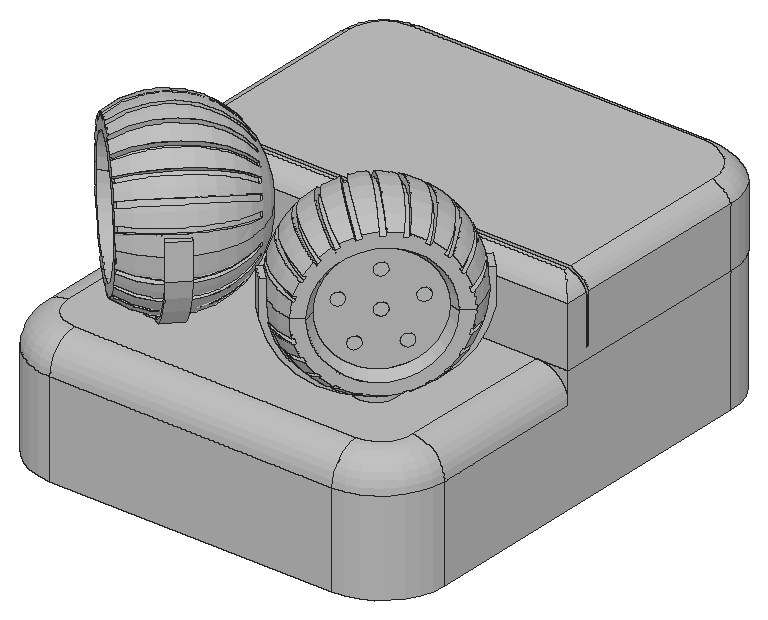
Revit family "DYNHL", category Lighting Fixtures, host Face, Revit 2019
Family settings
  Host = Face
  Round Connector Dimension = Use Diameter
  Part Type = Normal
  OmniClass Number = 23.85.80.11.27
  OmniClass Title = Lighting Controls
  Cut with Voids When Loaded = No
  Light Source = No
  Shared = Yes
  Room Calculation Point = No
Parameters
  Wattage Comments = "32 W"
  Warranty = "5 Years Limited"  # constant formula
  Type Comments = "Light Fixture"  # constant formula
  Product Page URL = ""
  Product Documentation Link = ""
  URL = "https://www.currentlighting.com/dual-Lite"
  Model = "DYNHL"
  Manufacturer = "Current Lighting"
  Lens Element = Glass
  Lamp = "LED"
  Features = "High lumen, high mounting height\r\n•  Up to 168’ multi-unit spacing\r\n•  90-minute full lumen output\r\n•  Self-test/self-diagnostics standard\r\n•  Wet and NEMA 4X application\r\n•  Food processing option\r\n•  Remote laser tester option\r\n•  Long-life lithium iron phosphate battery\r\n•  CEC T20 compliant\r\n•  Matching remote heads"  # constant formula
  Description = "NEMA 4X HIGH LUMEN INDUSTRIAL LED EMERGENCY LIGHT"  # constant formula
  Depth [instance] = 4"
  Default Elevation = 48"
  Create Date = ""
  Copyright = "© 2022 HLI Solutions, Inc"
  Contact Us = "https://www.currentlighting.com/contact-us"
  Housing Material = Finish - Gray
  Certifications = ""
  Assembly Code = ""
  Apparent Load = 32 VA
  Angle = 90.00°
Reference planes (in)
  plane 1 "Center (Front/Back)": y = 10.63342
  plane 2: z = 0
  plane 3 "Center (Left/Right)": x = 0
  plane 4: z = -4
  plane 5: z = 0.25
  plane 6: x = -4.89062
  plane 7: x = 4.89063
  plane 8: y = 16.43811
  plane 9: y = 4.82873
  plane 10: x = 2.44531
  plane 11: x = -2.44531
  plane 12: y = 7.32873
Forms (in)
  Extrusion 1, solid, material "Finish - Gray" <- "Housing Material"
    sketch origin (0, 0, 0) x (1, 0, 0) y (0, 1, 0)
      loop
        arc (-3.64062, 16.43811) -> (-4.52451, 16.07199) -> (-4.89062, 15.18811) r 1.25
        line (-4.89062, 15.18811) -> (-4.89062, 6.32873)
        arc (-4.89062, 6.32873) -> (-4.45129, 5.26807) -> (-3.39062, 4.82873) r 1.5
        line (-3.39062, 4.82873) -> (3.39063, 4.82873)
        arc (3.39063, 4.82873) -> (4.45129, 5.26807) -> (4.89063, 6.32873) r 1.5
        line (4.89063, 6.32873) -> (4.89063, 14.93811)
        arc (4.89063, 14.93811) -> (4.45129, 15.99877) -> (3.39063, 16.43811) r 1.5
        line (3.39063, 16.43811) -> (-3.64062, 16.43811)
    from 3 to 0
  Extrusion 2, solid, material "Finish - Gray" <- "Housing Material"
    sketch origin (0, 0, 0) x (1, 0, 0) y (0, 1, 0)
      loop
        line (3.39063, 16.43811) -> (-3.64062, 16.43811)
        arc (-3.64062, 16.43811) -> (-4.52451, 16.07199) -> (-4.89062, 15.18811) r 1.25
        line (-4.89062, 15.18811) -> (-4.89062, 10.04748) -> (4.89063, 10.04748) -> (4.89063, 14.93811)
        arc (4.89063, 14.93811) -> (4.45129, 15.99877) -> (3.39063, 16.43811) r 1.5
    from 4.82472 to 3
  Sweep 3, void
    path in 3D
      loop
        arc (-3.64062, 16.43811, 4.82472) -> (-4.52451, 16.07199, 4.82472) -> (-4.89062, 15.18811, 4.82472) r 1.25
        line (-4.89062, 15.18811, 4.82472) -> (-4.89062, 10.04748, 4.82472) -> (4.89063, 10.04748, 4.82472) -> (4.89063, 14.93811, 4.82472)
        arc (4.89063, 14.93811, 4.82472) -> (4.45129, 15.99877, 4.82472) -> (3.39063, 16.43811, 4.82472) r 1.5
        line (3.39063, 16.43811, 4.82472) -> (-3.64062, 16.43811, 4.82472)
    profile origin (-0.125, 16.43811, 4.82472) x (0, -1, 0) y (0, 0, 1)
      loop
        line (-0.03125, 0.03125) -> (-0.03125, -0.46875)
        arc (-0.03125, -0.46875) -> (0.23378, -0.10683) -> (0.66057, 0.03125) r 0.72862
        line (0.66057, 0.03125) -> (-0.03125, 0.03125)
  Sweep 4, void
    path origin (0, 10.63342, 0) x (1, 0, 0) y (0, 0, 1)
      loop
        line (4.89063, 3.25) -> (4.89063, 4.24002)
        arc (4.89063, 4.24002) -> (4.72625, 4.63687) -> (4.3294, 4.80125) r 0.56123
        line (4.3294, 4.80125) -> (-4.3294, 4.80125)
        arc (-4.3294, 4.80125) -> (-4.72625, 4.63687) -> (-4.89062, 4.24002) r 0.56123
        line (-4.89062, 4.24002) -> (-4.89062, 3.25)
    profile origin (4.89063, 10.63342, 3.74501) x (-1, 0, 0) y (0, -1, 0)
      loop
        line (0.05778, -0.0434) -> (0.05778, 0.05009) -> (-0.0615, 0.05009) -> (-0.0615, -0.0434) -> (0.05778, -0.0434)
  Sweep 5, void
    path origin (0, 0, 0) x (1, 0, 0) y (0, 1, 0)
      loop
        line (-4.89062, 10.04585) -> (-4.89062, 6.32873)
        arc (-4.89062, 6.32873) -> (-4.45129, 5.26807) -> (-3.39062, 4.82873) r 1.5
        line (-3.39062, 4.82873) -> (3.39063, 4.82873)
        arc (3.39063, 4.82873) -> (4.45129, 5.26807) -> (4.89063, 6.32873) r 1.5
        line (4.89063, 6.32873) -> (4.89063, 10.04748)
    profile origin (0, 4.82873, 0) x (0, 1, 0) y (0, 0, 1)
      loop
        line (0.75, 3) -> (0, 3) -> (0, 2.25)
        arc (0, 2.25) -> (0.21967, 2.78033) -> (0.75, 3) r 0.75
Cuts and joins
  Sweep 3, Sweep 4 cuts Extrusion 2
  Sweep 5 cuts Extrusion 1
Lines and regions (in)
  sketch lines
    curve 1: line (3.39063, 16.43811, 4.82472) -> (-3.64062, 16.43811, 4.82472)
    curve 2: arc (3.39063, 16.43811, 4.82472) -> (4.45129, 15.99877, 4.82472) -> (4.89063, 14.93811, 4.82472) r 1.5
    curve 3: line (4.89063, 10.04748, 4.82472) -> (4.89063, 14.93811, 4.82472)
    curve 4: line (-4.89062, 10.04748, 4.82472) -> (4.89063, 10.04748, 4.82472)
    curve 5: line (-4.89062, 15.18811, 4.82472) -> (-4.89062, 10.04748, 4.82472)
    curve 6: arc (-4.89062, 15.18811, 4.82472) -> (-4.52451, 16.07199, 4.82472) -> (-3.64062, 16.43811, 4.82472) r 1.25
Dimensions and locks (in)
  "Depth": plane 2 to plane 4
  plane 5 to plane 4 = 4 1/4"
  locked: plane 6 to plane 7 at 9.78125
  equal spacing: plane 6, plane 11, plane 3 "Center (Left/Right)"
  equal spacing: plane 3 "Center (Left/Right)", plane 10, plane 7
  aligned and locked: plane 2 to host face
  aligned and locked: level to host face
Automatic sketch dimensions
  host sketch curve to host sketch curve = 96"  (x2)
  Extrusion 1 sketch curve to plane 6 = 0"
  plane 8 to Extrusion 1 sketch curve = 0"
  plane 9 to Extrusion 1 sketch curve = 0"
  Extrusion 1 sketch curve to plane 7 = 0"
  Extrusion 1 sketch curve to Extrusion 1 sketch curve = 1 1/4"
  plane 6 to Extrusion 1 sketch curve = 1 1/2"
  Extrusion 1 sketch curve to plane 7 = 1 1/2"  (x2)
  plane 8 to Extrusion 2 sketch curve = 0"
  Extrusion 2 sketch curve to Extrusion 2 sketch curve = 1 1/4"
  Extrusion 2 sketch curve to plane 7 = 1 1/2"
  Extrusion 2 sketch curve to plane 6 = 0"
  plane 1 "Center (Front/Back)" to Extrusion 2 sketch curve = 75/128"
  Extrusion 2 sketch curve to plane 7 = 0"
  profile plane to Sweep 3 sketch curve = 1/32"  (x2)
  Sweep 3 sketch curve to profile plane = 0.66057"
  Sweep 3 sketch curve to profile plane = 0.69737"
  Sweep 4 sketch curve to plane 6 = 0"
  Sweep 4 sketch curve to plane 7 = 0"
  plane 6 to Sweep 4 sketch curve = 0.56123"
  Sweep 4 sketch curve to plane 7 = 0.56123"
  Sweep 4 sketch curve to plane 5 = 3.99002"
  Sweep 4 sketch curve to Sweep 4 sketch curve = 0.99002"  (x2)
  profile plane to Sweep 4 sketch curve = 0.0615"
  Sweep 4 sketch curve to profile plane = 0.05778"
  Sweep 4 sketch curve to plane 1 "Center (Front/Back)" = 0.0434"
  plane 1 "Center (Front/Back)" to Sweep 4 sketch curve = 0.05009"
  Sweep 5 sketch curve to plane 6 = 0"
  plane 9 to Sweep 5 sketch curve = 0"
  Sweep 5 sketch curve to plane 7 = 0"
  Sweep 5 sketch curve to plane 11 = 121/128"
  plane 10 to Sweep 5 sketch curve = 121/128"
  plane 1 "Center (Front/Back)" to Sweep 5 sketch curve = 0.58757"
  plane 1 "Center (Front/Back)" to Sweep 5 sketch curve = 75/128"
  Sweep 5 sketch curve to profile plane = 0"
  Sweep 5 sketch curve to profile plane = 3/4"
  level to Sweep 5 sketch curve = 2 1/4"
Nested families (in)
  nested 1: "Head" at (-2.51401, 7.24118, 3) x (0.7071, -0.7071, 0) z (0, 0, 1), type "Head"
  nested 2: "Head" at (2.51401, 7.24118, 3) x (-0.7071, -0.7071, 0) z (0, 0, 1), type "Head"
Connectors (in)
  electrical at (0, 10.63342, -4)
    settings: on host face, index 1, voltage 0 V, apparent load 0 VA, apparent load phase1 0 VA, apparent load phase2 0 VA, apparent load phase3 0 VA, power factor 1, load classification "Other", number of poles 1, system type 30, power factor state 1, is connector primary yes, connector utility no, sub classification motor no, connector description "Light Fixture"
Definition of nested family "Head"
  Parameters (values of type "Head")
    Wattage = 8 W
    built-in parameter 1150110 = 1 (stored number, unit not read)
    built-in parameter 1114217 = 1 (stored number, unit not read)
    Tilt Angle = 0.00°
    built-in parameter 1150109 = 1 (stored number, unit not read)
    built-in parameter 1150134 = 3
    built-in parameter 1150113 = 1 (stored number, unit not read)
    Product Material = none
    Photometric Web File = "DYNHL_IES_22.01250.IES"
    built-in parameter 1150105 = 88.013 (stored number, unit not read)
    Lumens = 1106 lm
    built-in parameter 1150115 = 1 (stored number, unit not read)
    built-in parameter 1150137 = (empty or 0)
    built-in parameter 1150139 = (empty or 0)
    built-in parameter 1150112 = 1 (stored number, unit not read)
    built-in parameter 1150114 = 1 (stored number, unit not read)
    built-in parameter 1150132 = (empty or 0)
    built-in parameter 1150102 = (empty or 0)
    built-in parameter 1150107 = 3200 (stored number, unit not read)
    built-in parameter 1150138 = (empty or 0)
    built-in parameter 1150106 = 0.88013 (stored number, unit not read)
    Glass = none
    built-in parameter 1150104 = 12.844 (stored number, unit not read)
    Dimming Lamp Color Temperature Shift = (empty or 0)
    Default Elevation = 48"
    Color Filter = 16777215
    built-in parameter 1114218 = 1 (stored number, unit not read)
    built-in parameter 1150133 = 10 (stored number, unit not read)
  Reference planes (in)
    plane 1 "Center (Front/Back)": y = 0
    plane 2: z = 0
    plane 3 "Center (Left/Right)": x = 0
    plane 4: x = -2.25
    plane 5: x = 2.25
    plane 6: z = 2.23875
  Forms (in)
    Extrusion 1, solid
      sketch origin (0, 0, 0) x (1, 0, 0) y (0, 1, 0)
        loop
          line (-48, 48) -> (-48, -48) -> (48, -48) -> (48, 48) -> (-48, 48)
      from 0 to -12
    Extrusion 2, solid, material <- "Product Material"
      sketch origin (0, 0, -0.03125) x (1, 0, 0) y (0, 0, 1)
        loop
          line (-2.10547, 2.69151) -> (-2.23875, 2.69151) -> (-2.23875, 1.8325)
          arc (-2.23875, 1.8325) -> (0.00586, 0.03124) -> (2.25047, 1.8325) r 2.29917
          line (2.25047, 1.8325) -> (2.25047, 2.69151) -> (2.11719, 2.69151) -> (2.11719, 2.20695)
          arc (2.11719, 2.20695) -> (0.00586, 0.09562) -> (-2.10547, 2.20695) r 2.11133
          line (-2.10547, 2.20695) -> (-2.10547, 2.69151)
      from -0.23423 to 0.27977
    Extrusion 3, solid, material <- "Product Material"
      sketch origin (0, 0, 0) x (1, 0, 0) y (0, 1, 0)
        loop
          circle (0, 0) r 0.5
      from 0 to 0.1072
    Sweep 4, void
      path origin (0, 0, 0.03125) x (0, 1, 0) y (0, 0, 1)
        loop
          arc (-1.16568, 3.91149) -> (0.36456, 4.27499) -> (1.70365, 3.44997) r 2.055
      profile origin (0, 0.36456, 4.30624) x (0, 0.158803, 0.98731) y (1, 0, 0)
        loop
          line (0.1194, 0.07003) -> (-0.08231, 0.07003) -> (-0.08231, -0.07045) -> (0.1194, -0.07045) -> (0.1194, 0.07003)
    Revolve 5, solid, material <- "Product Material"
      sketch origin (-10.73083, -180, 2.27) x (-1, 0, 0) y (0, -1, 0)
        loop
          arc (-10.73083, -181.99505) -> (-8.84397, -180.97502) -> (-8.96558, -178.83355) r 2
          line (-8.96558, -178.83355) -> (-10.73083, -178.83355) -> (-10.73083, -181.99505)
        axis (-10.73083, -181.99505) -> (-10.73083, -178.83355)
      angle from 0 to 360
    Sweep 6, void
      path origin (0.57134, 0, 0.10647) x (0, 1, 0) y (-0.258819, 0, 0.965926)
        loop
          arc (-1.16568, 3.91149) -> (0.36456, 4.27499) -> (1.70365, 3.44997) r 2.055
      profile origin (-0.5351, 0.36456, 4.23579) x (-0.255535, 0.158803, 0.953668) y (0.965926, 0, 0.258819)
        loop
          line (0.1194, 0.07003) -> (-0.08231, 0.07003) -> (-0.08231, -0.07045) -> (0.1194, -0.07045) -> (0.1194, 0.07003)
    Sweep 7, void
      path origin (-0.57134, 0, 0.10647) x (0, 1, 0) y (-0.258819, 0, -0.965926)
        loop
          arc (-1.16568, -3.91149) -> (0.36456, -4.27499) -> (1.70365, -3.44997) r 2.055
      profile origin (0.5351, 0.36456, 4.23579) x (-0.255535, -0.158803, -0.953668) y (-0.965926, 0, 0.258819)
        loop
          line (-0.1194, 0.07003) -> (-0.1194, -0.07045) -> (0.08231, -0.07045) -> (0.08231, 0.07003) -> (-0.1194, 0.07003)
    Sweep 8, void
      path origin (-1.10375, 0, 0.327) x (0, 1, 0) y (-0.5, 0, -0.866025)
        loop
          arc (-1.16568, -3.91149) -> (0.36456, -4.27499) -> (1.70365, -3.44997) r 2.055
      profile origin (1.03374, 0.36456, 4.02924) x (-0.493655, -0.158803, -0.855036) y (-0.866025, 0, 0.5)
        loop
          line (-0.1194, 0.07003) -> (-0.1194, -0.07045) -> (0.08231, -0.07045) -> (0.08231, 0.07003) -> (-0.1194, 0.07003)
    Sweep 9, void
      path origin (1.10375, 0, 0.327) x (0, 1, 0) y (-0.5, 0, 0.866025)
        loop
          arc (-1.16568, 3.91149) -> (0.36456, 4.27499) -> (1.70365, 3.44997) r 2.055
      profile origin (-1.03374, 0.36456, 4.02924) x (-0.493655, 0.158803, 0.855036) y (0.866025, 0, 0.5)
        loop
          line (0.1194, 0.07003) -> (-0.08231, 0.07003) -> (-0.08231, -0.07045) -> (0.1194, -0.07045) -> (0.1194, 0.07003)
    Sweep 10, void
      path origin (1.56094, 0, 0.67781) x (0, 1, 0) y (-0.707107, 0, 0.707107)
        loop
          arc (-1.16568, 3.91149) -> (0.36456, 4.27499) -> (1.70365, 3.44997) r 2.055
      profile origin (-1.46193, 0.36456, 3.70068) x (-0.698134, 0.158803, 0.698134) y (0.707107, 0, 0.707107)
        loop
          line (0.1194, 0.07003) -> (-0.08231, 0.07003) -> (-0.08231, -0.07045) -> (0.1194, -0.07045) -> (0.1194, 0.07003)
    Sweep 11, void
      path origin (-1.56094, 0, 0.67781) x (0, 1, 0) y (-0.707107, 0, -0.707107)
        loop
          arc (-1.16568, -3.91149) -> (0.36456, -4.27499) -> (1.70365, -3.44997) r 2.055
      profile origin (1.46193, 0.36456, 3.70068) x (-0.698134, -0.158803, -0.698134) y (-0.707107, 0, 0.707107)
        loop
          line (-0.1194, 0.07003) -> (-0.1194, -0.07045) -> (0.08231, -0.07045) -> (0.08231, 0.07003) -> (-0.1194, 0.07003)
    Sweep 12, void
      path origin (-1.91175, 0, 1.135) x (0, 1, 0) y (-0.866025, 0, -0.5)
        loop
          arc (-1.16568, -3.91149) -> (0.36456, -4.27499) -> (1.70365, -3.44997) r 2.055
      profile origin (1.79049, 0.36456, 3.27249) x (-0.855036, -0.158803, -0.493655) y (-0.5, 0, 0.866025)
        loop
          line (-0.1194, 0.07003) -> (-0.1194, -0.07045) -> (0.08231, -0.07045) -> (0.08231, 0.07003) -> (-0.1194, 0.07003)
    Sweep 13, void
      path origin (1.91175, 0, 1.135) x (0, 1, 0) y (-0.866025, 0, 0.5)
        loop
          arc (-1.16568, 3.91149) -> (0.36456, 4.27499) -> (1.70365, 3.44997) r 2.055
      profile origin (-1.79049, 0.36456, 3.27249) x (-0.855036, 0.158803, 0.493655) y (0.5, 0, 0.866025)
        loop
          line (0.1194, 0.07003) -> (-0.08231, 0.07003) -> (-0.08231, -0.07045) -> (0.1194, -0.07045) -> (0.1194, 0.07003)
    Sweep 14, void
      path origin (2.13228, 0, 1.66741) x (0, 1, 0) y (-0.965926, 0, 0.258819)
        loop
          arc (-1.16568, 3.91149) -> (0.36456, 4.27499) -> (1.70365, 3.44997) r 2.055
      profile origin (-1.99704, 0.36456, 2.77385) x (-0.953668, 0.158803, 0.255535) y (0.258819, 0, 0.965926)
        loop
          line (0.1194, 0.07003) -> (-0.08231, 0.07003) -> (-0.08231, -0.07045) -> (0.1194, -0.07045) -> (0.1194, 0.07003)
    Sweep 15, void
      path origin (-2.13228, 0, 1.66741) x (0, 1, 0) y (-0.965926, 0, -0.258819)
        loop
          arc (-1.16568, -3.91149) -> (0.36456, -4.27499) -> (1.70365, -3.44997) r 2.055
      profile origin (1.99704, 0.36456, 2.77385) x (-0.953668, -0.158803, -0.255535) y (-0.258819, 0, 0.965926)
        loop
          line (-0.1194, 0.07003) -> (-0.1194, -0.07045) -> (0.08231, -0.07045) -> (0.08231, 0.07003) -> (-0.1194, 0.07003)
    Sweep 16, void
      path origin (0, 0, 4.44625) x (0, 1, 0) y (0, 0, -1)
        loop
          arc (-1.16568, 3.91149) -> (0.36456, 4.27499) -> (1.70365, 3.44997) r 2.055
      profile origin (0, 0.36456, 0.17126) x (0, -0.158803, 0.98731) y (1, 0, 0)
        loop
          line (-0.1194, 0.07003) -> (-0.1194, -0.07045) -> (0.08231, -0.07045) -> (0.08231, 0.07003) -> (-0.1194, 0.07003)
    Sweep 17, void
      path origin (0.57134, 0, 4.37103) x (0, 1, 0) y (0.258819, 0, 0.965926)
        loop
          arc (-1.16568, -3.91149) -> (0.36456, -4.27499) -> (1.70365, -3.44997) r 2.055
      profile origin (-0.5351, 0.36456, 0.24171) x (0.255535, -0.158803, 0.953668) y (0.965926, 0, -0.258819)
        loop
          line (-0.1194, 0.07003) -> (-0.1194, -0.07045) -> (0.08231, -0.07045) -> (0.08231, 0.07003) -> (-0.1194, 0.07003)
    Sweep 18, void
      path origin (-0.57134, 0, 4.37103) x (0, 1, 0) y (0.258819, 0, -0.965926)
        loop
          arc (-1.16568, 3.91149) -> (0.36456, 4.27499) -> (1.70365, 3.44997) r 2.055
      profile origin (0.5351, 0.36456, 0.24171) x (0.255535, 0.158803, -0.953668) y (-0.965926, 0, -0.258819)
        loop
          line (0.1194, 0.07003) -> (-0.08231, 0.07003) -> (-0.08231, -0.07045) -> (0.1194, -0.07045) -> (0.1194, 0.07003)
    Sweep 19, void
      path origin (-1.10375, 0, 4.1505) x (0, 1, 0) y (0.5, 0, -0.866025)
        loop
          arc (-1.16568, 3.91149) -> (0.36456, 4.27499) -> (1.70365, 3.44997) r 2.055
      profile origin (1.03374, 0.36456, 0.44826) x (0.493655, 0.158803, -0.855036) y (-0.866025, 0, -0.5)
        loop
          line (0.1194, 0.07003) -> (-0.08231, 0.07003) -> (-0.08231, -0.07045) -> (0.1194, -0.07045) -> (0.1194, 0.07003)
    Sweep 20, void
      path origin (1.10375, 0, 4.1505) x (0, 1, 0) y (0.5, 0, 0.866025)
        loop
          arc (-1.16568, -3.91149) -> (0.36456, -4.27499) -> (1.70365, -3.44997) r 2.055
      profile origin (-1.03374, 0.36456, 0.44826) x (0.493655, -0.158803, 0.855036) y (0.866025, 0, -0.5)
        loop
          line (-0.1194, 0.07003) -> (-0.1194, -0.07045) -> (0.08231, -0.07045) -> (0.08231, 0.07003) -> (-0.1194, 0.07003)
    Sweep 21, void
      path origin (1.56094, 0, 3.79969) x (0, 1, 0) y (0.707107, 0, 0.707107)
        loop
          arc (-1.16568, -3.91149) -> (0.36456, -4.27499) -> (1.70365, -3.44997) r 2.055
      profile origin (-1.46193, 0.36456, 0.77682) x (0.698134, -0.158803, 0.698134) y (0.707107, 0, -0.707107)
        loop
          line (-0.1194, 0.07003) -> (-0.1194, -0.07045) -> (0.08231, -0.07045) -> (0.08231, 0.07003) -> (-0.1194, 0.07003)
    Sweep 22, void
      path origin (-1.56094, 0, 3.79969) x (0, 1, 0) y (0.707107, 0, -0.707107)
        loop
          arc (-1.16568, 3.91149) -> (0.36456, 4.27499) -> (1.70365, 3.44997) r 2.055
      profile origin (1.46193, 0.36456, 0.77682) x (0.698134, 0.158803, -0.698134) y (-0.707107, 0, -0.707107)
        loop
          line (0.1194, 0.07003) -> (-0.08231, 0.07003) -> (-0.08231, -0.07045) -> (0.1194, -0.07045) -> (0.1194, 0.07003)
    Sweep 23, void
      path origin (-1.91175, 0, 3.3425) x (0, 1, 0) y (0.866025, 0, -0.5)
        loop
          arc (-1.16568, 3.91149) -> (0.36456, 4.27499) -> (1.70365, 3.44997) r 2.055
      profile origin (1.79049, 0.36456, 1.20501) x (0.855036, 0.158803, -0.493655) y (-0.5, 0, -0.866025)
        loop
          line (0.1194, 0.07003) -> (-0.08231, 0.07003) -> (-0.08231, -0.07045) -> (0.1194, -0.07045) -> (0.1194, 0.07003)
    Sweep 24, void
      path origin (1.91175, 0, 3.3425) x (0, 1, 0) y (0.866025, 0, 0.5)
        loop
          arc (-1.16568, -3.91149) -> (0.36456, -4.27499) -> (1.70365, -3.44997) r 2.055
      profile origin (-1.79049, 0.36456, 1.20501) x (0.855036, -0.158803, 0.493655) y (0.5, 0, -0.866025)
        loop
          line (-0.1194, 0.07003) -> (-0.1194, -0.07045) -> (0.08231, -0.07045) -> (0.08231, 0.07003) -> (-0.1194, 0.07003)
    Sweep 25, void
      path origin (2.13228, 0, 2.81009) x (0, 1, 0) y (0.965926, 0, 0.258819)
        loop
          arc (-1.16568, -3.91149) -> (0.36456, -4.27499) -> (1.70365, -3.44997) r 2.055
      profile origin (-1.99704, 0.36456, 1.70365) x (0.953668, -0.158803, 0.255535) y (0.258819, 0, -0.965926)
        loop
          line (-0.1194, 0.07003) -> (-0.1194, -0.07045) -> (0.08231, -0.07045) -> (0.08231, 0.07003) -> (-0.1194, 0.07003)
    Sweep 26, void
      path origin (-2.13228, 0, 2.81009) x (0, 1, 0) y (0.965926, 0, -0.258819)
        loop
          arc (-1.16568, 3.91149) -> (0.36456, 4.27499) -> (1.70365, 3.44997) r 2.055
      profile origin (1.99704, 0.36456, 1.70365) x (0.953668, 0.158803, -0.255535) y (-0.258819, 0, -0.965926)
        loop
          line (0.1194, 0.07003) -> (-0.08231, 0.07003) -> (-0.08231, -0.07045) -> (0.1194, -0.07045) -> (0.1194, 0.07003)
    Blend 27, void
      base sketch origin (0, 0, 0) x (1, 0, 0) y (0, 0, 1)
        loop
          circle (0, 2.23875) r 1.45
      top sketch origin (0, 0, 0) x (1, 0, 0) y (0, 0, 1)
        loop
          circle (0, 2.23875) r 1.3
      from 1.16645 to 0.88158
    Extrusion 28, solid, material <- "Glass"
      sketch origin (0, 0, 0) x (1, 0, 0) y (0, 0, 1)
        loop
          circle (0, 2.23875) r 0.15
        loop
          circle (0, 3.10055) r 0.15
        loop
          circle (0.81962, 2.50506) r 0.15
        loop
          circle (0.50655, 1.54154) r 0.15
        loop
          circle (-0.50655, 1.54154) r 0.15
        loop
          circle (-0.81962, 2.50506) r 0.15
      from 0.88158 to 0.93975
  Cuts and joins
    Sweep 4, Sweep 6, Sweep 7, Sweep 8, Sweep 9, Sweep 10, Sweep 11, Sweep 12, Sweep 13, Sweep 14, Sweep 15, Sweep 16, Sweep 17, Sweep 18, Sweep 19, Sweep 20, Sweep 21, Sweep 22, Sweep 23, Sweep 24, Sweep 25, Sweep 26, Blend 27 cuts Revolve 5
  Lines and regions (in)
    reference lines
      curve 1: line (0, 0, 0) -> (0, -3.6749, 0)
  Dimensions and locks (in)
    aligned and locked: plane 2 to Extrusion 1
    aligned and locked: level to Extrusion 1
